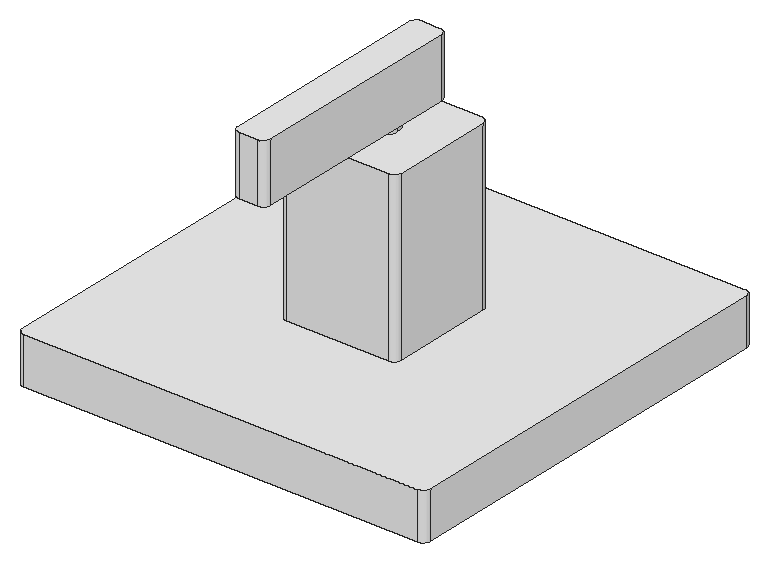
Revit family
Parameters (values of type "Chrome-Polished_Chrome-CP")
  Width = 0' - 5 1/2"
  WFU = 0
  URL = "http://www.us.kohler.com"
  Product Page URL = "http://www.us.kohler.com/onlinecatalog/detail.jsp?prod_num=T14672-4"
  Product Documentation Link = "http://www.us.kohler.com/onlinecatalog/pdf/1138916_4.pdf"
  Model = "K-T14674-4"  # constant formula
  Manufacturer = "Kohler"  # constant formula
  Length = 0' - 3 3/4"
  Hot Water Radius = 3/16"
  Hot Water Diameter = Hot Water Radius * 2  # 3/8"
  Hot Water Connector = "Hot Water Connection"  # constant formula
  Height = 0' - 5 1/2"
  HWFU = 0
  HW Connection = yes
  Finish = Chrome-Kohler-CP-Polished_Chrome
  Description = "Loure™ thermostatic valve trim"  # constant formula
  Default Elevation = 0' - 0"
  Created By = "http://medialab3dstudio.com/"
  Cold Water Radius = 3/16"
  Cold Water Diameter = Cold Water Radius * 2  # 3/8"
  Cold Water Connector = "Cold Water Connection"  # constant formula
  CWFU = 0
  CW Connection = yes
  Assembly Code = "C1030200"
  ADA Compliant = yes
Types (4): name | Finish
  (no name) | Chrome-Kohler-CP-Polished_Chrome
  Chrome-Polished_Chrome-CP | Chrome-Kohler-CP-Polished_Chrome
  Nickel-Vibrant_Brushed_Nickel-BN | Nickel-Kohler-BN-Vibrant_Brushed_Nickel
  Nickel-Vibrant_Polished_Nickel-SN | Nickel-Kohler-SN-Vibrant_Polished_Nickel
Reference planes (in)
  plane 1 "Center (Front/Back)": y = 0
  plane 2: z = 0
  plane 3 "Center (Left/Right)": x = 0
  plane 4 "Left": x = -2.75
  plane 5 "Right": x = 2.75
  plane 6 "Top": y = 2.75
  plane 7 "Bottom": y = -2.75
  plane 8 "Front": z = 3.75
  plane 9 "Top of Base": z = 0.625
  plane 10: y = 0.78125
  plane 11: y = -0.78125
  plane 12: x = -0.78125
  plane 13: x = 0.78125
  plane 14: z = 2.95583
  plane 15: x = -0.21875
  plane 16: x = 0.21875
  plane 17: y = -2.28125
  plane 18: x = -0.1875
  plane 19: x = 0.1875
  plane 20: y = 0.1875
  plane 21: y = -0.1875
  plane 22: x = 0.3125
  plane 23: x = -0.3125
  plane 24: z = 0.22462
  plane 25: x = -0.1875
  plane 26: x = 0.1875
  plane 27: y = 0.1875
  plane 28: y = -0.1875
  plane 29: z = 2.875
Forms (in)
  Extrusion 1, solid, not visible
    sketch origin (0, 0, 0) x (1, 0, 0) y (0, 1, 0)
      loop
        line (-4.75, 5) -> (-4.75, -4.17175) -> (4.55984, -4.17175) -> (4.55984, 5) -> (-4.75, 5)
    from 0 to -1.05227
  Extrusion 2, solid, material "Chrome-Kohler-CP-Polished_Chrome" <- "Finish", detail levels medium+fine
    sketch origin (0, 0, 0) x (1, 0, 0) y (0, 1, 0)
      loop
        arc (-2.65625, 2.75) -> (-2.72254, 2.72254) -> (-2.75, 2.65625) r 0.09375
        line (-2.75, 2.65625) -> (-2.75, -2.65625)
        arc (-2.75, -2.65625) -> (-2.72254, -2.72254) -> (-2.65625, -2.75) r 0.09375
        line (-2.65625, -2.75) -> (2.65625, -2.75)
        arc (2.65625, -2.75) -> (2.72254, -2.72254) -> (2.75, -2.65625) r 0.09375
        line (2.75, -2.65625) -> (2.75, 2.65625)
        arc (2.75, 2.65625) -> (2.72254, 2.72254) -> (2.65625, 2.75) r 0.09375
        line (2.65625, 2.75) -> (-2.65625, 2.75)
    from 0 to 0.625
  Extrusion 3, solid, material "Chrome-Kohler-CP-Polished_Chrome" <- "Finish", detail levels medium+fine
    sketch origin (0, 0, 0) x (1, 0, 0) y (0, 1, 0)
      loop
        arc (-0.6875, 0.78125) -> (-0.75379, 0.75379) -> (-0.78125, 0.6875) r 0.09375
        line (-0.78125, 0.6875) -> (-0.78125, -0.6875)
        arc (-0.78125, -0.6875) -> (-0.75379, -0.75379) -> (-0.6875, -0.78125) r 0.09375
        line (-0.6875, -0.78125) -> (0.6875, -0.78125)
        arc (0.6875, -0.78125) -> (0.75379, -0.75379) -> (0.78125, -0.6875) r 0.09375
        line (0.78125, -0.6875) -> (0.78125, 0.6875)
        arc (0.78125, 0.6875) -> (0.75379, 0.75379) -> (0.6875, 0.78125) r 0.09375
        line (0.6875, 0.78125) -> (-0.6875, 0.78125)
    from 0.625 to 2.875
  Extrusion 4, solid, material "Chrome-Kohler-CP-Polished_Chrome" <- "Finish", detail levels medium+fine
    sketch origin (0, 0, 0) x (1, 0, 0) y (0, 1, 0)
      loop
        arc (-0.1875, 0) -> (-0.13258, -0.13258) -> (0, -0.1875) r 0.1875
        arc (0, -0.1875) -> (0.13258, -0.13258) -> (0.1875, 0) r 0.1875
        arc (0.1875, 0) -> (0.13258, 0.13258) -> (0, 0.1875) r 0.1875
        arc (0, 0.1875) -> (-0.13258, 0.13258) -> (-0.1875, 0) r 0.1875
    from 2.95583 to 2.875
  Extrusion 5, solid, material "Chrome-Kohler-CP-Polished_Chrome" <- "Finish", detail levels medium+fine
    sketch origin (0, 0, 0) x (1, 0, 0) y (0, 1, 0)
      loop
        arc (-0.125, 0.78125) -> (-0.19129, 0.75379) -> (-0.21875, 0.6875) r 0.09375
        line (-0.21875, 0.6875) -> (-0.21875, -2.1875)
        arc (-0.21875, -2.1875) -> (-0.19129, -2.25379) -> (-0.125, -2.28125) r 0.09375
        line (-0.125, -2.28125) -> (0.125, -2.28125)
        arc (0.125, -2.28125) -> (0.19129, -2.25379) -> (0.21875, -2.1875) r 0.09375
        line (0.21875, -2.1875) -> (0.21875, 0.6875)
        arc (0.21875, 0.6875) -> (0.19129, 0.75379) -> (0.125, 0.78125) r 0.09375
        line (0.125, 0.78125) -> (-0.125, 0.78125)
    from 2.95583 to 3.75
  Extrusion 6, void
    sketch origin (0, 0, 0) x (1, 0, 0) y (0, 1, 0)
      loop
        arc (0.125, 0) -> (0.17992, -0.13258) -> (0.3125, -0.1875) r 0.1875
        arc (0.3125, -0.1875) -> (0.44508, -0.13258) -> (0.5, 0) r 0.1875
        arc (0.5, 0) -> (0.44508, 0.13258) -> (0.3125, 0.1875) r 0.1875
        arc (0.3125, 0.1875) -> (0.17992, 0.13258) -> (0.125, 0) r 0.1875
      loop
        arc (-0.3125, 0.1875) -> (-0.44508, 0.13258) -> (-0.5, 0) r 0.1875
        arc (-0.5, 0) -> (-0.44508, -0.13258) -> (-0.3125, -0.1875) r 0.1875
        arc (-0.3125, -0.1875) -> (-0.17992, -0.13258) -> (-0.125, 0) r 0.1875
        arc (-0.125, 0) -> (-0.17992, 0.13258) -> (-0.3125, 0.1875) r 0.1875
    from 0 to 0.22462
Cuts and joins
  Extrusion 6 cuts Extrusion 2
  Extrusion 6 cuts Extrusion 3
  joined: Extrusion 2, Extrusion 3, Extrusion 4, Extrusion 5
Lines and regions (in)
  Masking region 1
    outline origin (0, 0, 0) x (1, 0, 0) y (0, 1, 0)
      loop
        line (-2.75, 2.75) -> (-2.75, -2.75) -> (2.75, -2.75) -> (2.75, 2.75) -> (-2.75, 2.75)
  Masking region 2, detail levels medium+fine
    outline origin (0, 0, 3.75) x (-1, 0, 0) y (0, -1, 0)
      loop
        line (0.78125, -0.78125) -> (0.78125, 0.78125) -> (0.21875, 0.78125) -> (0.21875, 2.28125) -> (-0.21875, 2.28125) -> (-0.21875, 0.78125) -> (-0.78125, 0.78125) -> (-0.78125, -0.78125) -> (0.78125, -0.78125)
  Masking region 3, detail levels coarse
    outline origin (0, 0, 0) x (1, 0, 0) y (0, 0, 1)
      loop
        line (-2.75, 3.75) -> (-2.75, 0) -> (2.75, 0) -> (2.75, 3.75) -> (-2.75, 3.75)
  Masking region 4, detail levels medium
    outline origin (0, 0, 0) x (1, 0, 0) y (0, 0, 1)
      loop
        line (-2.75, 0) -> (2.75, 0) -> (2.75, 0.625) -> (0.78125, 0.625) -> (0.78125, 2.875) -> (0.1875, 2.875) -> (0.1875, 2.95583) -> (0.21875, 2.95583) -> (0.21875, 3.75) -> (-0.21875, 3.75) -> (-0.21875, 2.95583) -> (-0.1875, 2.95583) -> (-0.1875, 2.875) -> (-0.78125, 2.875) -> (-0.78125, 0.625) -> (-2.75, 0.625) -> (-2.75, 0)
  Masking region 5, detail levels fine
    outline origin (0, 0, 0) x (1, 0, 0) y (0, 0, 1)
      loop
        line (2.75, 0.625) -> (-2.75, 0.625) -> (-2.75, 0) -> (2.75, 0) -> (2.75, 0.625)
      loop
        line (-0.1875, 2.95583) -> (-0.1875, 2.875) -> (0.1875, 2.875) -> (0.1875, 2.95583) -> (-0.1875, 2.95583)
  Masking region 6, detail levels coarse
    outline origin (0, 0, 0) x (0, 1, 0) y (0, 0, 1)
      loop
        line (2.75, 3.75) -> (-2.75, 3.75) -> (-2.75, 0) -> (2.75, 0) -> (2.75, 3.75)
  Masking region 7, detail levels fine
    outline origin (0, 0, 0) x (0, 1, 0) y (0, 0, 1)
      loop
        line (0.1875, 2.95583) -> (-0.1875, 2.95583) -> (-0.1875, 2.875) -> (0.1875, 2.875) -> (0.1875, 2.95583)
      loop
        line (2.75, 0.625) -> (-2.75, 0.625) -> (-2.75, 0) -> (2.75, 0) -> (2.75, 0.625)
  Masking region 8, detail levels medium
    outline origin (0, 0, 0) x (0, 1, 0) y (0, 0, 1)
      loop
        line (-2.75, 0) -> (2.75, 0) -> (2.75, 0.625) -> (0.78125, 0.625) -> (0.78125, 3.75) -> (-2.28125, 3.75) -> (-2.28125, 2.95583) -> (-0.78125, 2.95583) -> (-0.78125, 0.625) -> (-2.75, 0.625) -> (-2.75, 0)
  Masking region 9, detail levels fine
    outline origin (0, 0, 0) x (0, 1, 0) y (0, 0, 1)
      loop
        line (0.78125, 2.875) -> (-0.78125, 2.875) -> (-0.78125, 0.625) -> (0.78125, 0.625) -> (0.78125, 2.875)
      loop
        line (0.78125, 3.75) -> (-2.28125, 3.75) -> (-2.28125, 2.95583) -> (0.78125, 2.95583) -> (0.78125, 3.75)
  Masking region 10, detail levels fine
    outline origin (0, 0, 0) x (1, 0, 0) y (0, 0, 1)
      loop
        line (-0.78125, 2.875) -> (-0.78125, 0.625) -> (0.78125, 0.625) -> (0.78125, 2.875) -> (-0.78125, 2.875)
      loop
        line (-0.21875, 3.75) -> (-0.21875, 2.95583) -> (0.21875, 2.95583) -> (0.21875, 3.75) -> (-0.21875, 3.75)
  symbolic lines, style "Masking Lines", detail levels fine
    curve 1: line (-0.21875, -0.78125, 3.75) -> (-0.21875, 0.78125, 3.75)
    curve 2: line (0.21875, 0.78125, 3.75) -> (0.21875, -0.78125, 3.75)
    curve 3: line (-0.78125, 0, 0.625) -> (0.78125, 0, 0.625)
    curve 4: line (0, 0.78125, 0.625) -> (0, -0.78125, 0.625)
Dimensions and locks (in)
  equal spacing: plane 4 "Left", plane 3 "Center (Left/Right)", plane 5 "Right", locked at 2.75 each
  "Width": plane 4 "Left" to plane 5 "Right"
  equal spacing: plane 6 "Top", plane 1 "Center (Front/Back)", plane 7 "Bottom", locked at 2.75 each
  "Height": plane 6 "Top" to plane 7 "Bottom"
  "Length": plane 8 "Front" to plane 2
  plane 18 to plane 3 "Center (Left/Right)" to plane 19 = 0' - 0 3/16" locked, 0' - 0 3/16" locked
  plane 15 to plane 3 "Center (Left/Right)" to plane 16 = 0' - 0 7/32" locked, 0' - 0 7/32" locked
  plane 12 to plane 3 "Center (Left/Right)" to plane 13 = 0' - 0 25/32" locked, 0' - 0 25/32" locked
  locked: plane 17 to plane 7 "Bottom" at 0.46875
  equal spacing: plane 10, plane 1 "Center (Front/Back)", plane 11, locked at 0.78125 each
  plane 14 to plane 9 "Top of Base" to plane 2 = 0' - 2.33083", 0' - 0 5/8" locked
  plane 10 to plane 1 "Center (Front/Back)" to plane 11 = 0' - 0 25/32" locked, 0' - 0 25/32" locked
  locked: plane 24 to level at 0.22462
  radius of Extrusion 2 sketch curve = 0' - 0 3/32"  (x4)
  radius of Extrusion 3 sketch curve = 0' - 0 3/32"  (x4)
  radius of Extrusion 5 sketch curve = 0' - 0 3/32"  (x4)
  "Hot Water Radius": radius of Extrusion 6 sketch curve
  "Cold Water Radius": radius of Extrusion 6 sketch curve
  aligned and locked: plane 2 to Extrusion 1
  aligned and locked: level to Extrusion 1
  aligned and locked: Extrusion 2 sketch curve to plane 6 "Top"
  aligned and locked: Extrusion 2 sketch curve to plane 5 "Right"
  aligned and locked: plane 7 "Bottom" to Extrusion 2 sketch curve
  aligned and locked: plane 4 "Left" to Extrusion 2 sketch curve  (x2)
  aligned and locked: Extrusion 2 to plane 2
  aligned and locked: plane 9 "Top of Base" to Extrusion 2
  aligned and locked: Extrusion 3 sketch curve to plane 10
  aligned and locked: Extrusion 3 sketch curve to plane 13
  aligned and locked: plane 11 to Extrusion 3 sketch curve
  aligned and locked: plane 12 to Extrusion 3 sketch curve
  aligned and locked: Extrusion 3 to plane 9 "Top of Base"
  aligned and locked: plane 3 "Center (Left/Right)" to Extrusion 4 sketch curve  (x2)
  aligned and locked: plane 1 "Center (Front/Back)" to Extrusion 4 sketch curve  (x2)
  aligned: plane 14 to Extrusion 4
  aligned and locked: plane 15 to Extrusion 5 sketch curve
  aligned and locked: Extrusion 5 sketch curve to plane 10
  aligned and locked: Extrusion 5 sketch curve to plane 16
  aligned and locked: plane 17 to Extrusion 5 sketch curve
  aligned: Extrusion 5 to plane 14
  aligned and locked: plane 8 "Front" to Extrusion 5
  aligned and locked: Masking region 1 sketch curve to plane 6 "Top"
  aligned and locked: plane 4 "Left" to Masking region 1 sketch curve
  aligned and locked: Masking region 1 sketch curve to plane 5 "Right"
  aligned and locked: plane 7 "Bottom" to Masking region 1 sketch curve
  aligned and locked: plane 15 to Masking region 2 sketch curve
  aligned and locked: plane 11 to Masking region 2 sketch curve  (x2)
  aligned and locked: plane 12 to Masking region 2 sketch curve
  aligned and locked: Masking region 2 sketch curve to plane 10
  aligned and locked: Masking region 2 sketch curve to plane 13
  aligned and locked: Masking region 2 sketch curve to plane 16
  aligned and locked: plane 17 to Masking region 2 sketch curve
  aligned and locked: Masking region 3 sketch curve to plane 8 "Front"
  aligned and locked: Masking region 3 sketch curve to plane 5 "Right"
  aligned and locked: plane 2 to Masking region 3 sketch curve
  aligned and locked: plane 4 "Left" to Masking region 3 sketch curve
  aligned and locked: plane 12 to Masking region 4 sketch curve
  aligned and locked: Masking region 4 sketch curve to plane 13
  aligned and locked: Masking region 4 sketch curve to plane 9 "Top of Base"
  aligned and locked: Masking region 4 sketch curve to plane 5 "Right"
  aligned and locked: Masking region 4 sketch curve to plane 4 "Left"
  aligned and locked: plane 2 to Masking region 5 sketch curve
  aligned and locked: Masking region 5 sketch curve to plane 5 "Right"
  aligned and locked: Masking region 5 sketch curve to plane 9 "Top of Base"
  aligned and locked: plane 4 "Left" to Masking region 5 sketch curve
  aligned: cut or joined group of Extrusion 2, Extrusion 3, Extrusion 4, Extrusion 5, Extrusion 6 to plane 14
  aligned and locked: curve 3 to plane 9 "Top of Base"
  aligned and locked: Masking region 6 sketch curve to plane 8 "Front"
  aligned and locked: plane 7 "Bottom" to Masking region 6 sketch curve
  aligned and locked: plane 2 to Masking region 6 sketch curve
  aligned and locked: Masking region 6 sketch curve to plane 6 "Top"
  aligned and locked: plane 2 to Masking region 8 sketch curve
  aligned and locked: plane 7 "Bottom" to Masking region 8 sketch curve
  aligned and locked: Masking region 8 sketch curve to plane 9 "Top of Base"  (x2)
  aligned and locked: plane 11 to Masking region 8 sketch curve
  aligned and locked: plane 14 to Masking region 8 sketch curve
  aligned and locked: plane 17 to Masking region 8 sketch curve
  aligned and locked: Masking region 8 sketch curve to plane 8 "Front"
  aligned and locked: Masking region 8 sketch curve to plane 10
  aligned and locked: Masking region 8 sketch curve to plane 6 "Top"
  aligned and locked: curve 4 to plane 9 "Top of Base"
  aligned and locked: curve 2 to plane 16
  aligned and locked: plane 15 to curve 1
  aligned and locked: plane 10 to curve 2
  aligned and locked: plane 10 to curve 1
  aligned and locked: plane 22 to Extrusion 6 sketch curve
  aligned and locked: plane 23 to Extrusion 6 sketch curve  (x2)
  aligned and locked: plane 1 "Center (Front/Back)" to Extrusion 6 sketch curve  (x2)
  aligned and locked: Extrusion 6 to plane 2
  aligned and locked: plane 24 to Extrusion 6
  aligned and locked: plane 11 to curve 2
  aligned and locked: plane 11 to curve 1
  aligned and locked: Masking region 4 to plane 2
  aligned and locked: plane 9 "Top of Base" to Masking region 4
  aligned and locked: plane 12 to curve 3
  aligned and locked: plane 13 to curve 3
  aligned: plane 11 to Masking region 7
  aligned: plane 7 "Bottom" to Masking region 7
  aligned: plane 2 to Masking region 7
  aligned: Masking region 7 to plane 6 "Top"
  aligned: Masking region 7 to plane 9 "Top of Base"
  aligned and locked: plane 10 to curve 4
  aligned and locked: plane 11 to curve 4
  aligned: cut or joined group of Extrusion 2, Extrusion 3, Extrusion 4, Extrusion 5, Extrusion 6 to plane 29  (x2)
  aligned and locked: cut or joined group of Extrusion 2, Extrusion 3, Extrusion 4, Extrusion 5, Extrusion 6 to plane 14
  aligned and locked: plane 14 to cut or joined group of Extrusion 2, Extrusion 3, Extrusion 4, Extrusion 5, Extrusion 6
  aligned and locked: cut or joined group of Extrusion 2, Extrusion 3, Extrusion 4, Extrusion 5, Extrusion 6 to plane 29
  aligned and locked: plane 29 to cut or joined group of Extrusion 2, Extrusion 3, Extrusion 4, Extrusion 5, Extrusion 6
  aligned and locked: Masking region 7 sketch curve to cut or joined group of Extrusion 2, Extrusion 3, Extrusion 4, Extrusion 5, Extrusion 6
  aligned and locked: Masking region 7 sketch curve to plane 14
  aligned and locked: plane 29 to Masking region 7 sketch curve
  aligned and locked: plane 21 to Masking region 7 sketch curve
  aligned and locked: Masking region 7 sketch curve to plane 9 "Top of Base"
  aligned and locked: plane 7 "Bottom" to Masking region 7 sketch curve
  aligned and locked: plane 2 to Masking region 7 sketch curve
  aligned and locked: Masking region 7 sketch curve to plane 6 "Top"
  aligned and locked: Masking region 9 sketch curve to plane 29
  aligned and locked: plane 11 to Masking region 9 sketch curve
  aligned and locked: plane 9 "Top of Base" to Masking region 9 sketch curve
  aligned and locked: Masking region 9 sketch curve to plane 10  (x2)
  aligned and locked: Masking region 9 sketch curve to plane 8 "Front"
  aligned and locked: plane 17 to Masking region 9 sketch curve
  aligned and locked: plane 14 to Masking region 9 sketch curve
  aligned and locked: Masking region 5 sketch curve to plane 14
  aligned and locked: plane 19 to Masking region 5 sketch curve
  aligned and locked: plane 29 to Masking region 5 sketch curve
  aligned and locked: Masking region 5 sketch curve to plane 18
  aligned and locked: Masking region 10 sketch curve to plane 29
  aligned and locked: Masking region 10 sketch curve to plane 13
  aligned and locked: plane 9 "Top of Base" to Masking region 10 sketch curve
  aligned and locked: plane 12 to Masking region 10 sketch curve
  aligned and locked: plane 15 to Masking region 10 sketch curve
  aligned and locked: Masking region 10 sketch curve to plane 8 "Front"
  aligned and locked: Masking region 10 sketch curve to plane 16
  aligned and locked: plane 14 to Masking region 10 sketch curve
  aligned and locked: plane 29 to Masking region 4 sketch curve  (x2)
  aligned and locked: Masking region 4 sketch curve to plane 25
  aligned and locked: Masking region 4 sketch curve to plane 14  (x2)
  aligned and locked: Masking region 4 sketch curve to plane 15
  aligned and locked: plane 8 "Front" to Masking region 4 sketch curve
  aligned and locked: plane 16 to Masking region 4 sketch curve
  aligned and locked: plane 26 to Masking region 4 sketch curve
Automatic sketch dimensions
  Extrusion 1 sketch curve to Extrusion 1 sketch curve = 0' - 9.30984"
  Extrusion 1 sketch curve to Extrusion 1 sketch curve = 0' - 9.17175"
  Extrusion 4 sketch curve to Extrusion 4 sketch curve = 0' - 0 3/16"
  Extrusion 6 sketch curve to Extrusion 6 sketch curve = 0' - 0"
  plane 1 "Center (Front/Back)" to Extrusion 6 sketch curve = 0' - 0"
  Masking region 4 sketch curve to level = 0' - 0"
  Masking region 4 sketch curve to plane 9 "Top of Base" = 0' - 0"
Connectors (in)
  piping at (0.3125, 0, 0), driven by "Cold Water Radius", driven by "CW Connection", driven by "Cold Water Connector", driven by "CWFU"
    settings: on cut or joined group of Extrusion 2, Extrusion 3, Extrusion 4, Extrusion 5, Extrusion 6, index 1, connector radius 3/16", flow factor 0, pipe flow 0 GPM, pressure drop 0.00 psi, fitting loss kfactor 0, connector angle 0.00°, fixture units 0, flow configuration 3, flow direction 1, fitting loss method 0, system type 20, connector reference index -1, connector utility 1, adjustable connector no, is connector primary yes, fitting loss table "", connector description "Cold Water Connection"
  piping at (-0.3125, 0, 0), driven by "Hot Water Radius", driven by "HW Connection", driven by "Hot Water Connector", driven by "HWFU"
    settings: on cut or joined group of Extrusion 2, Extrusion 3, Extrusion 4, Extrusion 5, Extrusion 6, index 2, connector radius 3/16", flow factor 0, pipe flow 0 GPM, pressure drop 0.00 psi, fitting loss kfactor 0, connector angle 0.00°, fixture units 0, flow configuration 3, flow direction 1, fitting loss method 0, system type 19, connector reference index -1, connector utility 1, adjustable connector no, is connector primary no, fitting loss table "", connector description "Hot Water Connection"
